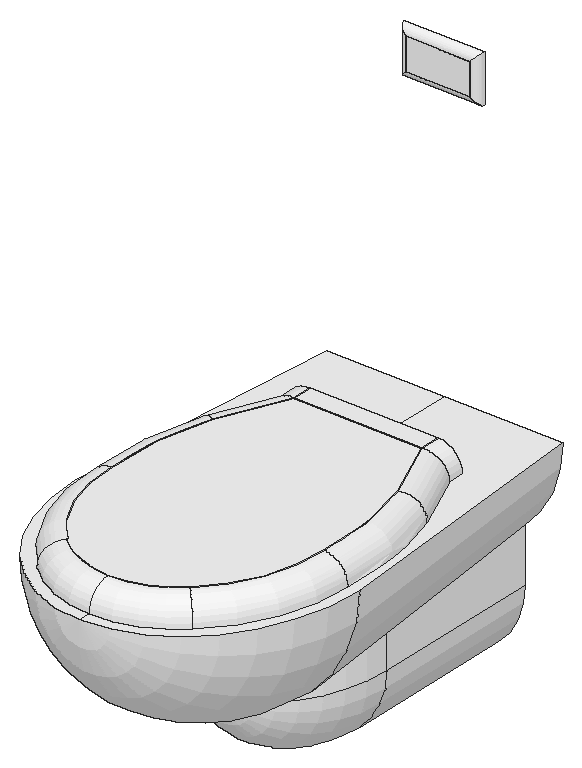
Revit family
Parameters (values of type "Wall_Hung_WC-Valverfa_2893[1]")
  Toilet Seat Finish = none
  Toilet Finish = none
  Bottum Placement [instance] = 800 mm
  Assembly Code = ""
Types (2): name
  Wall_Hung_WC-Valverfa_2893[1]
  MANIFOLD_Wall_Hung_WC
Reference planes
  plane 1 "Center (Front/Back)": y = 0
  plane 2: z = 0
  plane 3 "Center (Left/Right)": x = 0
  plane 4: z = 406
  plane 5 "Buttom placement": z = 800
Forms (mm)
  Revolve 1, solid, material "Pan Finish"
    sketch origin (-1525, 0, 406) x (1, 0, 0) y (0, 1, 0)
      loop
        line (1672.5, 0) -> (1525, 0) -> (1525, -170)
        spline (1525, -170) -> (1563.148, -176.304) -> (1598.697, -194.785) -> (1629.223, -224.185) -> (1652.646, -262.5) -> (1667.371, -307.118) -> (1672.393, -355) -> (1667.371, -402.882) -> (1652.646, -447.5) -> (1629.223, -485.815) -> (1598.697, -515.215) -> (1563.148, -533.696) -> (1525, -540)
        line (1525, -540) -> (1525, -570)
        spline (1525, -570) -> (1548.168, -568.161) -> (1570.94, -562.674) -> (1592.926, -553.634) -> (1613.75, -541.195) -> (1633.055, -525.571) -> (1650.511, -507.028) -> (1665.82, -485.884) -> (1678.72, -462.5) -> (1688.989, -437.277) -> (1696.452, -410.646) -> (1700.981, -383.063) -> (1702.5, -355)
        line (1702.5, -355) -> (1672.5, 0)
      axis (1525, -570) -> (1525, 0)
    angle from 0 to 180
  Revolve 2, solid, material "Pan Finish"
    sketch origin (-125, -355, 228.5) x (0, 1, 0) y (-1, 0, 0)
      loop
        line (355, -225) -> (355, -125) -> (0, -125)
        spline (0, -125) -> (1.198, -138.053) -> (4.77, -150.882) -> (10.657, -163.268) -> (18.756, -175) -> (28.931, -185.876) -> (41.005, -195.711) -> (54.773, -204.335) -> (70, -211.603) -> (86.424, -217.388) -> (103.765, -221.593) -> (121.726, -224.144) -> (140, -225)
        line (140, -225) -> (355, -225)
      axis (0, -125) -> (355, -125)
    angle from 0 to 180
  Extrusion 3, solid, material "Pan Finish"
    sketch origin (-125, 75, 0) x (1, 0, 0) y (0, 1, 0)
      loop
        line (25, -75) -> (25, -290)
        spline (25, -290) -> (28.407, -326.235) -> (38.397, -360) -> (54.289, -388.995) -> (75, -411.244) -> (99.118, -425.23) -> (125, -430) -> (150.882, -425.23) -> (175, -411.244) -> (195.711, -388.995) -> (211.603, -360) -> (221.593, -326.235) -> (225, -290)
        line (225, -290) -> (225, -75) -> (25, -75)
    from 228.5 to 300
  Sweep 4, solid, material "Seat Finish"
    path origin (0, 0, 406) x (0, 1, 0) y (-1, 0, 0)
      loop
        line (-110, 110.194) -> (-130, 110.194) -> (-206.651, 143.52)
        arc (-206.651, 143.52) -> (-279.839, 160.739) -> (-355, 162.694) r 367.293
        arc (-355, 162.694) -> (-441.838, 147.01) -> (-515.2, 97.969) r 216.449
        arc (-515.2, 97.969) -> (-544.705, 52.887) -> (-555, 0) r 140
        arc (-555, 0) -> (-544.632, -52.678) -> (-515.2, -97.581) r 140
        arc (-515.2, -97.581) -> (-441.838, -146.621) -> (-355, -162.306) r 216.449
        arc (-355, -162.306) -> (-279.839, -160.351) -> (-206.651, -143.132) r 367.293
        line (-206.651, -143.132) -> (-130, -109.806) -> (-110, -109.806)
    profile origin (109.806, -110, 406) x (-1, 0, 0) y (0, 0, 1)
      loop
        line (0, 0) -> (30, 0) -> (30, 30)
        arc (30, 30) -> (8.787, 21.213) -> (0, 0) r 30
  Sweep 5, solid, material "Seat Finish"
    path origin (0, 0, 406) x (0, 1, 0) y (-1, 0, 0)
      loop
        line (-110, 80.194) -> (-110, -79.806)
    profile origin (-0.194, -110, 406) x (0, 1, 0) y (0, 0, 1)
      loop
        line (0, 0) -> (0, 30) -> (-26.241, 30) -> (-26.241, 0) -> (0, 0)
  Extrusion 6, solid, material "Seat Finish"
    sketch origin (0, 0, 406) x (0, 1, 0) y (-1, 0, 0)
      loop
        line (-217.537, -115.152) -> (-136.24, -79.806) -> (-136.24, 80.194) -> (-217.537, 115.541)
        arc (-217.537, 115.541) -> (-285.022, 131.157) -> (-354.275, 132.658) r 337.293
        arc (-354.275, 132.658) -> (-429.85, 119.495) -> (-493.729, 77.017) r 186.45
        arc (-493.729, 77.017) -> (-525, 0.194) -> (-493.729, -76.629) r 110
        arc (-493.729, -76.629) -> (-429.85, -119.107) -> (-354.275, -132.27) r 186.45
        arc (-354.275, -132.27) -> (-285.022, -130.769) -> (-217.537, -115.152) r 337.293
    from 0 to 30
  Extrusion 7, solid, material "Seat Finish"
    sketch origin (0, 0, 0) x (0, 1, 0) y (0, 0, 1)
      loop
        line (-110, 426) -> (-110, 406) -> (-90, 406)
        arc (-90, 406) -> (-95.858, 420.142) -> (-110, 426) r 20
    from -65.2 to -80.2
  Extrusion 8, solid, material "Seat Finish"
    sketch origin (0, 0, 0) x (0, 1, 0) y (0, 0, 1)
      loop
        line (-110, 426) -> (-110, 406) -> (-90, 406)
        arc (-90, 406) -> (-95.858, 420.142) -> (-110, 426) r 20
    from 65.2 to 80.2
  Extrusion 9, solid
    sketch origin (0, 0, 800) x (-1, 0, 0) y (0, -1, 0)
      loop
        line (40, 0) -> (40, 10) -> (-40, 10) -> (-40, 0) -> (40, 0)
    from -39.804 to 0
  Sweep 10, solid
    path origin (0, 0, 0) x (1, 0, 0) y (0, 0, 1)
      loop
        line (-40, 800) -> (-40, 760.196) -> (40, 760.196) -> (40, 800) -> (-40, 800)
    profile origin (0, 0, 800) x (0, 0, 1) y (0, -1, 0)
      loop
        line (0, 0) -> (10, 0)
        arc (10, 0) -> (7.071, 7.071) -> (0, 10) r 10
        line (0, 10) -> (0, 0)
Lines and regions (mm)
  symbolic lines
    curve 1: line (-177.5, -355, 0) -> (-147.5, 0, 0)
    curve 2: line (-147.5, 0, 0) -> (147.5, 0, 0)
    curve 3: line (147.5, 0, 0) -> (177.5, -355, 0)
    curve 4: spline (177.5, -355, 0) -> (171.452, -410.646, 0) -> (153.72, -462.5, 0) -> (125.511, -507.028, 0) -> (88.75, -541.195, 0) -> (45.94, -562.674, 0) -> (0, -570, 0) -> (-45.94, -562.674, 0) -> (-88.75, -541.195, 0) -> (-125.511, -507.028, 0) -> (-153.72, -462.5, 0) -> (-171.452, -410.646, 0) -> (-177.5, -355, 0)
    curve 5: line (-110.194, -130, 0) -> (-110.194, -110, 0)
    curve 6: line (-110.194, -110, 0) -> (109.806, -110, 0)
    curve 7: line (109.806, -110, 0) -> (109.806, -130, 0)
    curve 8: line (80.2, -110, 0) -> (80.2, -90, 0)
    curve 9: line (80.2, -90, 0) -> (65.2, -90, 0)
    curve 10: line (65.2, -90, 0) -> (65.2, -110, 0)
    curve 11: line (-65.2, -110, 0) -> (-65.2, -90, 0)
    curve 12: line (-65.2, -90, 0) -> (-80.2, -90, 0)
    curve 13: line (-80.2, -90, 0) -> (-80.2, -110, 0)
    curve 14: line (-110.194, -130, 0) -> (-80.194, -136.241, 0)
    curve 15: line (-80.194, -136.241, 0) -> (79.806, -136.241, 0)
    curve 16: line (79.806, -136.241, 0) -> (109.881, -130.173, 0)
    curve 17: line (-80.194, -136.241, 0) -> (-115.541, -217.537, 0)
    curve 18: arc (-115.541, -217.537, 0) -> (-131.157, -285.022, 0) -> (-132.658, -354.275, 0) r 337.293
    curve 19: arc (-132.658, -354.275, 0) -> (-119.495, -429.85, 0) -> (-77.017, -493.729, 0) r 186.45
    curve 20: arc (-77.017, -493.729, 0) -> (-41.606, -516.991, 0) -> (0, -525, 0) r 109.034
    curve 21: line (80.163, -136.169, 0) -> (115.541, -217.537, 0)
    curve 22: arc (115.541, -217.537, 0) -> (131.157, -285.022, 0) -> (132.658, -354.275, 0) r 337.293
    curve 23: arc (132.658, -354.275, 0) -> (119.495, -429.85, 0) -> (77.017, -493.729, 0) r 186.45
    curve 24: arc (77.017, -493.729, 0) -> (41.606, -516.991, 0) -> (0, -525, 0) r 109.034
    curve 25: line (-143.52, -206.651, 0) -> (-110.194, -130, 0)
    curve 26: arc (-162.694, -355, 0) -> (-160.739, -279.839, 0) -> (-143.52, -206.651, 0) r 367.293
    curve 27: arc (-98.009, -515.161, 0) -> (-147.02, -441.813, 0) -> (-162.694, -355, 0) r 216.45
    curve 28: arc (97.621, -515.161, 0) -> (-0.194, -555, 0) -> (-98.009, -515.161, 0) r 140
    curve 29: arc (162.306, -355, 0) -> (146.632, -441.813, 0) -> (97.621, -515.161, 0) r 216.45
    curve 30: arc (143.132, -206.651, 0) -> (160.351, -279.839, 0) -> (162.306, -355, 0) r 367.293
    curve 31: line (109.806, -130, 0) -> (143.132, -206.651, 0)
Dimensions and locks
  "Bottum Placement": plane 5 "Buttom placement" to level
  aligned: Sweep 10 sketch curve to Extrusion 9
Automatic sketch dimensions
  curve 2 to plane 1 "Center (Front/Back)" = 0 mm
  curve 24 to plane 3 "Center (Left/Right)" = 0 mm
  curve 4 to plane 3 "Center (Left/Right)" = 0 mm
  curve 28 to plane 3 "Center (Left/Right)" = 0.194 mm
  curve 20 to plane 3 "Center (Left/Right)" = 0.587 mm
  curve 23 to plane 3 "Center (Left/Right)" = 53.68 mm
  curve 29 to curve 23 = 0.388 mm
  curve 12 to plane 3 "Center (Left/Right)" = 65.2 mm
  curve 20 to plane 3 "Center (Left/Right)" = 77.017 mm
  curve 19 to curve 20 = 0 mm
  curve 17 to curve 11 = 14.994 mm
  curve 12 to curve 11 = 15 mm
  curve 27 to curve 19 = 20.991 mm
  curve 5 to curve 13 = 29.994 mm
  curve 17 to curve 5 = 5.347 mm
  curve 19 to curve 29 = 78.59 mm
  curve 26 to curve 17 = 27.98 mm
  curve 1 to curve 12 = 67.3 mm
  curve 26 to curve 19 = 30.036 mm
  curve 1 to curve 27 = 14.806 mm
  curve 22 to curve 4 = 26.024 mm
  curve 30 to curve 22 = 0.388 mm
  plane 3 "Center (Left/Right)" to curve 24 = 0.587 mm
  plane 3 "Center (Left/Right)" to curve 27 = 53.68 mm
  curve 27 to curve 19 = 0 mm  (x2)
  plane 3 "Center (Left/Right)" to curve 9 = 65.2 mm
  plane 3 "Center (Left/Right)" to curve 24 = 77.017 mm
  curve 23 to curve 24 = 0 mm
  curve 10 to curve 16 = 14.606 mm
  curve 15 to curve 21 = 0.357 mm
  curve 9 to curve 8 = 15 mm
  curve 24 to curve 28 = 20.603 mm
  curve 8 to curve 6 = 29.606 mm
  curve 31 to curve 16 = 0.075 mm
  curve 16 to curve 22 = 5.66 mm
  curve 22 to curve 4 = 44.842 mm
  curve 21 to curve 31 = 27.592 mm
  curve 8 to curve 3 = 67.3 mm
  curve 30 to curve 4 = 15.194 mm
  curve 3 to curve 18 = 26.024 mm
  curve 18 to curve 26 = 0 mm
  plane 1 "Center (Front/Back)" to curve 12 = 90 mm
  plane 1 "Center (Front/Back)" to curve 10 = 90 mm
  curve 5 to curve 12 = 20 mm
  curve 7 to curve 7 = 20 mm
  curve 14 to curve 5 = 20 mm
  curve 16 to curve 31 = 0.173 mm
  curve 21 to curve 8 = 26.169 mm
  curve 25 to curve 5 = 76.651 mm
  curve 22 to curve 30 = 10.886 mm
  curve 18 to curve 26 = 10.886 mm
  curve 30 to curve 25 = 120.268 mm
  curve 22 to curve 30 = 0 mm
  curve 30 to curve 18 = 28.081 mm
  curve 26 to curve 18 = 0 mm
  curve 27 to curve 1 = 0 mm
  curve 19 to curve 4 = 5.755 mm
  curve 20 to curve 28 = 0.967 mm
  Revolve 1 sketch curve to plane 1 "Center (Front/Back)" = 0 mm  (x2)
  Revolve 1 sketch curve to plane 3 "Center (Left/Right)" = 0 mm  (x3)
  plane 3 "Center (Left/Right)" to Revolve 1 sketch curve = 147.5 mm
  Revolve 1 sketch curve to Revolve 1 sketch curve = 177.5 mm
  Revolve 1 sketch curve to Revolve 1 sketch curve = 170 mm
  Revolve 1 sketch curve to Revolve 1 sketch curve = 185 mm
  Revolve 1 sketch curve to Revolve 1 sketch curve = 0 mm  (x2)
  Revolve 1 sketch curve to Revolve 1 sketch curve = 30 mm
  Revolve 2 sketch curve to plane 3 "Center (Left/Right)" = 0 mm  (x2)
  Revolve 2 sketch curve to plane 1 "Center (Front/Back)" = 0 mm  (x2)
  plane 1 "Center (Front/Back)" to Revolve 2 sketch curve = 215 mm
  Revolve 2 sketch curve to Revolve 2 sketch curve = 140 mm
  Revolve 2 sketch curve to Revolve 2 sketch curve = 215 mm
  plane 3 "Center (Left/Right)" to Revolve 2 sketch curve = 100 mm
  Extrusion 3 sketch curve to plane 1 "Center (Front/Back)" = 0 mm
  Extrusion 3 sketch curve to plane 3 "Center (Left/Right)" = 0 mm
  Extrusion 3 sketch curve to plane 3 "Center (Left/Right)" = 100 mm
  plane 1 "Center (Front/Back)" to Extrusion 3 sketch curve = 215 mm
  Sweep 4 sketch curve to Sweep 4 sketch curve = 0 mm  (x2)
  Sweep 4 sketch curve to plane 3 "Center (Left/Right)" = 0 mm
  plane 1 "Center (Front/Back)" to Sweep 4 sketch curve = 555 mm
  Sweep 4 sketch curve to Sweep 4 sketch curve = 39.8 mm  (x2)
  Sweep 4 sketch curve to plane 3 "Center (Left/Right)" = 0.194 mm
  Sweep 4 sketch curve to Sweep 4 sketch curve = 100.2 mm
  Sweep 4 sketch curve to Sweep 4 sketch curve = 54.245 mm  (x2)
  Sweep 4 sketch curve to Sweep 4 sketch curve = 5.755 mm  (x2)
  Sweep 4 sketch curve to Sweep 4 sketch curve = 28.081 mm  (x2)
  Sweep 4 sketch curve to Sweep 4 sketch curve = 120.268 mm  (x2)
  Sweep 4 sketch curve to Sweep 4 sketch curve = 76.651 mm  (x2)
  Sweep 4 sketch curve to Sweep 4 sketch curve = 20 mm  (x2)
  plane 3 "Center (Left/Right)" to Sweep 4 sketch curve = 109.806 mm
  Sweep 4 sketch curve to Sweep 4 sketch curve = 33.326 mm  (x2)
  Sweep 4 sketch curve to Sweep 4 sketch curve = 19.174 mm
  Sweep 4 sketch curve to Sweep 4 sketch curve = 41.218 mm
  plane 3 "Center (Left/Right)" to Sweep 4 sketch curve = 53.679 mm
  Sweep 4 sketch curve to profile plane = 0 mm  (x2)
  Sweep 4 sketch curve to profile plane = 30 mm
  plane 1 "Center (Front/Back)" to Sweep 5 sketch curve = 110 mm
  plane 3 "Center (Left/Right)" to Sweep 5 sketch curve = 79.806 mm
  Sweep 5 sketch curve to plane 3 "Center (Left/Right)" = 80.194 mm
  Sweep 5 sketch curve to profile plane = 0 mm  (x2)
  profile plane to Sweep 5 sketch curve = 26.241 mm
  Sweep 5 sketch curve to Sweep 5 sketch curve = 30 mm
  plane 3 "Center (Left/Right)" to Extrusion 6 sketch curve = 76.629 mm
  plane 1 "Center (Front/Back)" to Extrusion 6 sketch curve = 493.729 mm
  Extrusion 6 sketch curve to plane 3 "Center (Left/Right)" = 77.017 mm
  Extrusion 6 sketch curve to Extrusion 6 sketch curve = 0 mm
  Extrusion 6 sketch curve to Extrusion 6 sketch curve = 78.729 mm
  Extrusion 6 sketch curve to Extrusion 6 sketch curve = 54.245 mm  (x2)
  Extrusion 6 sketch curve to Extrusion 6 sketch curve = 6.48 mm  (x2)
  Extrusion 6 sketch curve to Extrusion 6 sketch curve = 27.356 mm  (x2)
  Extrusion 6 sketch curve to Extrusion 6 sketch curve = 136.738 mm  (x2)
  Extrusion 6 sketch curve to Extrusion 6 sketch curve = 81.297 mm
  plane 3 "Center (Left/Right)" to Extrusion 6 sketch curve = 79.806 mm
  Extrusion 6 sketch curve to Extrusion 6 sketch curve = 35.347 mm
  plane 3 "Center (Left/Right)" to Extrusion 6 sketch curve = 132.27 mm
  Extrusion 6 sketch curve to Extrusion 6 sketch curve = 71.254 mm
  plane 3 "Center (Left/Right)" to Extrusion 6 sketch curve = 53.68 mm
  Extrusion 6 sketch curve to plane 3 "Center (Left/Right)" = 80.194 mm
  Extrusion 7 sketch curve to plane 4 = 0 mm
  plane 1 "Center (Front/Back)" to Extrusion 7 sketch curve = 110 mm
  Extrusion 7 sketch curve to Extrusion 7 sketch curve = 20 mm
  Extrusion 8 sketch curve to plane 4 = 0 mm
  plane 1 "Center (Front/Back)" to Extrusion 8 sketch curve = 110 mm
  Extrusion 8 sketch curve to Extrusion 8 sketch curve = 20 mm
  Extrusion 9 sketch curve to plane 1 "Center (Front/Back)" = 0 mm
  plane 3 "Center (Left/Right)" to Extrusion 9 sketch curve = 40 mm
  plane 1 "Center (Front/Back)" to Extrusion 9 sketch curve = 10 mm
  Extrusion 9 sketch curve to plane 3 "Center (Left/Right)" = 40 mm
  Sweep 10 sketch curve to plane 5 "Buttom placement" = 0 mm
  Sweep 10 sketch curve to plane 3 "Center (Left/Right)" = 40 mm
  plane 3 "Center (Left/Right)" to Sweep 10 sketch curve = 40 mm
  Sweep 10 sketch curve to plane 5 "Buttom placement" = 39.804 mm
  Sweep 10 sketch curve to profile plane = 0 mm
  Sweep 10 sketch curve to plane 1 "Center (Front/Back)" = 0 mm
  Sweep 10 sketch curve to profile plane = 10 mm
